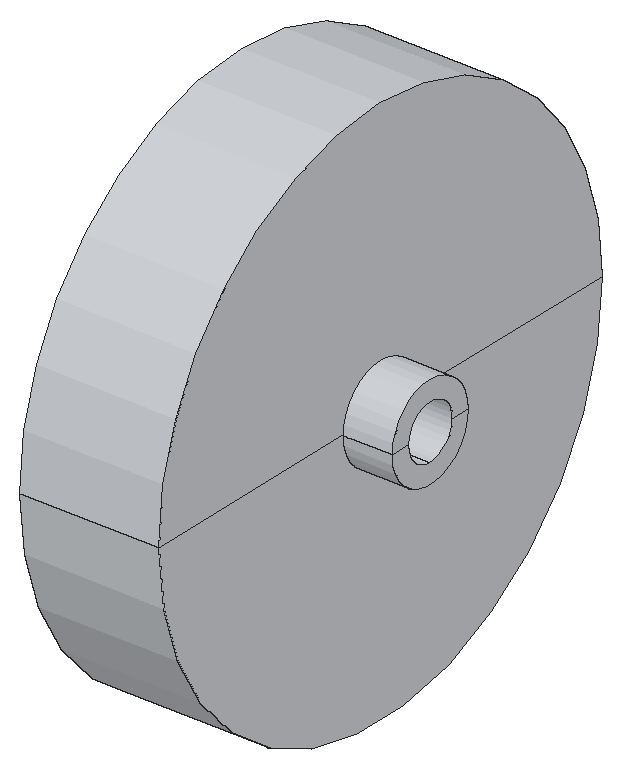
Revit family "Alcon - 15100_Suspended Small Disk", category Lighting Fixtures, Revit 2025
Family settings
  Round Connector Dimension = Use Diameter
  Part Type = Normal
  Cut with Voids When Loaded = No
  Light Source = Yes
  Maintain Annotation Orientation = No
  Shared = No
  Room Calculation Point = No
Parameters
  Wattage = 9.2903 W
  built-in parameter 1150110 = 1 (stored number, unit not read)
  built-in parameter 1114217 = 1 (stored number, unit not read)
  Tilt Angle = 60.00°
  built-in parameter 1150109 = 1 (stored number, unit not read)
  built-in parameter 1150134 = 3
  built-in parameter 1150113 = 1 (stored number, unit not read)
  built-in parameter 1010507 = 1.5708 (stored number, unit not read)
  built-in parameter 1010506 = 0.5236 (stored number, unit not read)
  built-in parameter 1150105 = 4614.1 (stored number, unit not read)
  Lumens = 1380 lm
  built-in parameter 1150115 = 1 (stored number, unit not read)
  Light Source Symbol Length = 10' - 0"
  built-in parameter 1150137 = (empty or 0)
  built-in parameter 1150139 = (empty or 0)
  built-in parameter 1001306 [instance] = 4' - 0"
  built-in parameter 1150112 = 1 (stored number, unit not read)
  built-in parameter 1150114 = 1 (stored number, unit not read)
  built-in parameter 1150132 = (empty or 0)
  built-in parameter 1150102 = (empty or 0)
  built-in parameter 1150107 = 3200 (stored number, unit not read)
  built-in parameter 1150138 = (empty or 0)
  built-in parameter 1150106 = 46.141 (stored number, unit not read)
  Housing = none
  Frosted Glass = none
  built-in parameter 1150104 = 13.8 (stored number, unit not read)
  Dimming Lamp Color Temperature Shift = (empty or 0)
  Default Elevation = 0' - 0"
  Color Filter = 16777215
  built-in parameter 1114218 = 1 (stored number, unit not read)
  built-in parameter 1150133 = 10 (stored number, unit not read)
Reference planes (in)
  plane 1 "Center (Front/Back)": y = 0
  plane 2: z = 0
  plane 3 "Left": x = 0
  plane 4 "Right": x = 48
Forms (in)
  Revolve 1, solid, material <- "Housing"
    sketch origin (-2.33756, 0, 0) x (1, 0, 0) y (0, 1, 0)
      loop
        line (1.36945, 0) -> (1.97, 0) -> (1.97, 3.935) -> (0, 3.935) -> (0, 3.81) -> (1.36945, 3.81) -> (1.36945, 0)
      axis (0, 0) -> (1.97, 0)
    angle from 0 to 360
  Revolve 2, solid, material <- "Frosted Glass"
    sketch origin (-2.33756, 0, 0) x (1, 0, 0) y (0, 1, 0)
      loop
        line (0, 0) -> (0.07967, 0) -> (0.07967, 3.81) -> (0, 3.81) -> (0, 0)
      axis (0, 0) -> (0.07967, 0)
    angle from 0 to 360
  Revolve 3, solid, material <- "Housing"
    sketch origin (-0.17072, 0, 0) x (1, 0, 0) y (0, 1, 0)
      loop
        line (-0.19683, 0) -> (0.51317, 0) -> (0.51317, 0.66894) -> (-0.19683, 0.66894) -> (-0.19683, 0)
      axis (-0.19683, 0) -> (0.51317, 0)
    angle from 0 to 360
  Extrusion 4, void
    sketch origin (0.34244, 0, 0) x (0, 0, 1) y (0, 1, 0)
      loop
        circle (0, 0) r 0.38902
    from 0 to 0.55976
Cuts and joins
  Extrusion 4 cuts Revolve 1
  Extrusion 4 cuts Revolve 2
  Extrusion 4 cuts Revolve 3
Lines and regions (in)
  reference lines
    curve 1: line (0, 0, 0) -> (48, 0, 0)
  model lines
    curve 2: line (0, 0, 0) -> (-30, 0, 0)
Dimensions and locks (in)
  "built-in parameter 1001306": plane 3 "Left" to plane 4 "Right"
  aligned and locked: plane 4 "Right" to curve 1
  aligned and locked: plane 1 "Center (Front/Back)" to curve 1
  aligned and locked: plane 3 "Left" to curve 1
  aligned and locked: level to plane 2
Automatic sketch dimensions
  Revolve 1 sketch curve to plane 3 "Left" = 0' - 2.33756"  (x2)
  plane 1 "Center (Front/Back)" to Revolve 1 sketch curve = 0' - 0"  (x2)
  Revolve 1 sketch curve to Revolve 1 sketch curve = 0' - 1.36945"
  Revolve 1 sketch curve to Revolve 1 sketch curve = 0' - 0.60055"
  Revolve 1 sketch curve to plane 1 "Center (Front/Back)" = 0' - 3.81"
  Revolve 1 sketch curve to Revolve 1 sketch curve = 0' - 0 1/8"
  Revolve 1 sketch curve to Revolve 1 sketch curve = 0' - 0"
  plane 1 "Center (Front/Back)" to Revolve 2 sketch curve = 0' - 0"  (x2)
  Revolve 2 sketch curve to plane 3 "Left" = 0' - 2.33756"
  Revolve 2 sketch curve to plane 3 "Left" = 0' - 2.25788"
  Revolve 2 sketch curve to Revolve 2 sketch curve = 0' - 3.81"
  Revolve 2 sketch curve to Revolve 2 sketch curve = 0' - 0.63097"
  Revolve 2 sketch curve to Revolve 2 sketch curve = 0' - 0.6588"
  plane 1 "Center (Front/Back)" to Revolve 3 sketch curve = 0' - 0"  (x2)
  Revolve 3 sketch curve to plane 3 "Left" = 0' - 0.36756"
  plane 3 "Left" to Revolve 3 sketch curve = 0' - 0.34244"
  Revolve 3 sketch curve to plane 1 "Center (Front/Back)" = 0' - 0.66894"
  Revolve 3 sketch curve to Revolve 3 sketch curve = 0' - 0.03766"
  Revolve 3 sketch curve to Revolve 3 sketch curve = 0' - 0"
  plane 1 "Center (Front/Back)" to curve 2 = 0' - 0"
  curve 2 to plane 3 "Left" = 0' - 0"
  curve 2 to curve 2 = 2' - 6"
  radius of Extrusion 4 sketch curve to Revolve 3 = 0' - 0.27992"
